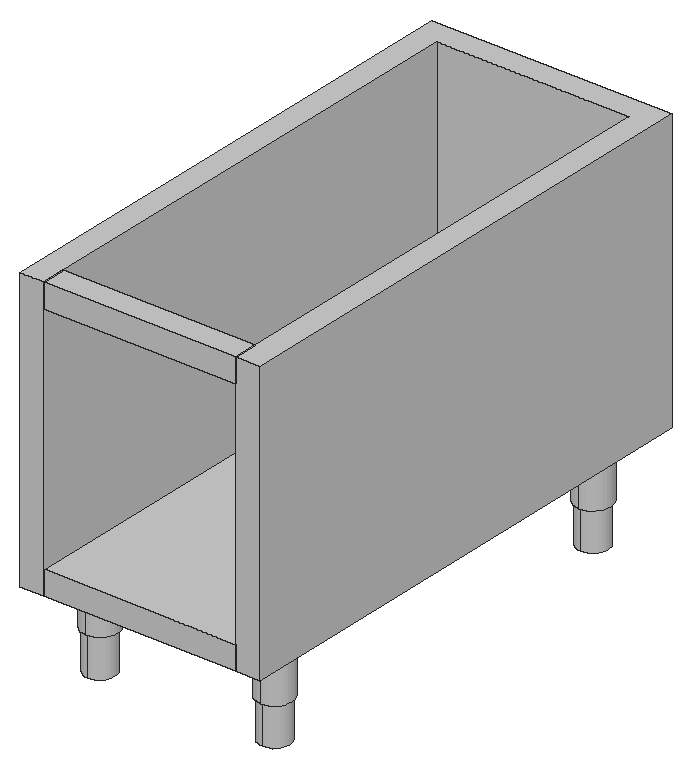
Revit family "QF_GIORIK_BV920G", category Specialty Equipment, Revit 2014
Parameters (values of type "BV920G")
  Show Logo [instance] = yes
  Show Clearance [instance] = yes
  Assembly Code = "E1090320"
Reference planes
  plane 1 "Back": y = 0
  plane 2: z = 0
  plane 3 "Left": x = 0
  plane 4 "Right": x = 400
  plane 5 "Front": y = -920
  plane 6 "Top": z = 620
Forms (mm)
  Extrusion 1, solid
    sketch origin (-16, 1025.81, 0) x (1, 0, 0) y (0, 1, 0)
      loop
        line (25, -1086.81) -> (25, -1156.81) -> (115, -1156.81) -> (115, -1086.81) -> (25, -1086.81)
    from 148 to 150
  Extrusion 2, solid
    sketch origin (416, 1025.81, 0) x (-1, 0, 0) y (0, -1, 0)
      loop
        line (25, 1086.81) -> (115, 1086.81) -> (115, 1156.81) -> (25, 1156.81) -> (25, 1086.81)
    from 148 to 150
  Extrusion 3, solid
    sketch origin (0, 0, 599.536) x (1, 0, 0) y (0, 1, 0)
      loop
        line (0, -860) -> (40, -860) -> (40, -40) -> (360, -40) -> (360, -860) -> (400, -860) -> (400, 0) -> (0, 0) -> (0, -860)
    from -449.536 to 20.464
  Extrusion 4, solid
    sketch origin (0, 0, 0) x (1, 0, 0) y (0, 1, 0)
      loop
        line (40, -40) -> (40, -860) -> (360, -860) -> (360, -40) -> (40, -40)
    from 150 to 190
  Extrusion 5, solid
    sketch origin (-16, 360.81, 0) x (1, 0, 0) y (0, 1, 0)
      loop
        line (25, -1086.81) -> (25, -1156.81) -> (115, -1156.81) -> (115, -1086.81) -> (25, -1086.81)
    from 148 to 150
  Revolve 6, solid
    sketch origin (54, 360.81, 0) x (0, 1, 0) y (0, 0, 1)
      loop
        line (-1092.56, 66) -> (-1092.56, 148) -> (-1121.81, 148) -> (-1121.81, 0) -> (-1096.81, 0) -> (-1096.81, 66) -> (-1092.56, 66)
      axis (-1121.81, 0) -> (-1121.81, 148)
    angle from 0 to 360
  Extrusion 7, solid
    sketch origin (416, 360.81, 0) x (-1, 0, 0) y (0, -1, 0)
      loop
        line (25, 1086.81) -> (115, 1086.81) -> (115, 1156.81) -> (25, 1156.81) -> (25, 1086.81)
    from 148 to 150
  Revolve 8, solid
    sketch origin (346, 360.81, 0) x (0, 1, 0) y (0, 0, 1)
      loop
        line (-1092.56, 66) -> (-1092.56, 148) -> (-1121.81, 148) -> (-1121.81, 0) -> (-1096.81, 0) -> (-1096.81, 66) -> (-1092.56, 66)
      axis (-1121.81, 0) -> (-1121.81, 148)
    angle from 0 to 360
  Revolve 9, solid
    sketch origin (346, 1025.81, 0) x (0, 1, 0) y (0, 0, 1)
      loop
        line (-1092.56, 66) -> (-1092.56, 148) -> (-1121.81, 148) -> (-1121.81, 0) -> (-1096.81, 0) -> (-1096.81, 66) -> (-1092.56, 66)
      axis (-1121.81, 0) -> (-1121.81, 148)
    angle from 0 to 360
  Revolve 10, solid
    sketch origin (54, 1025.81, 0) x (0, 1, 0) y (0, 0, 1)
      loop
        line (-1092.56, 66) -> (-1092.56, 148) -> (-1121.81, 148) -> (-1121.81, 0) -> (-1096.81, 0) -> (-1096.81, 66) -> (-1092.56, 66)
      axis (-1121.81, 0) -> (-1121.81, 148)
    angle from 0 to 360
  Extrusion 11, solid
    sketch origin (0, -160, 620) x (0, 1, 0) y (-1, 0, 0)
      loop
        line (-700, -40) -> (-700, -360) -> (-660, -360) -> (-660, -40) -> (-700, -40)
    from -40 to 0
Lines and regions (mm)
  symbolic lines, style "200-EquipHidden-2D", visible <- "Show Clearance", detail levels coarse
    curve 1: line (0, -860, 0) -> (400, -860, 0)
    curve 2: line (400, -860, 0) -> (400, 0, 0)
    curve 3: line (400, 0, 0) -> (0, 0, 0)
    curve 4: line (0, 0, 0) -> (0, -860, 0)
Dimensions and locks
  plane 3 "Left" to plane 4 "Right" = 400 mm
  plane 5 "Front" to plane 1 "Back" = 920 mm
  plane 4 "Right" to plane 3 "Left" = 400 mm
  plane 1 "Back" to plane 5 "Front" = 920 mm
  plane 6 "Top" to level = 620 mm  (x2)
  aligned and locked: level to plane 2
